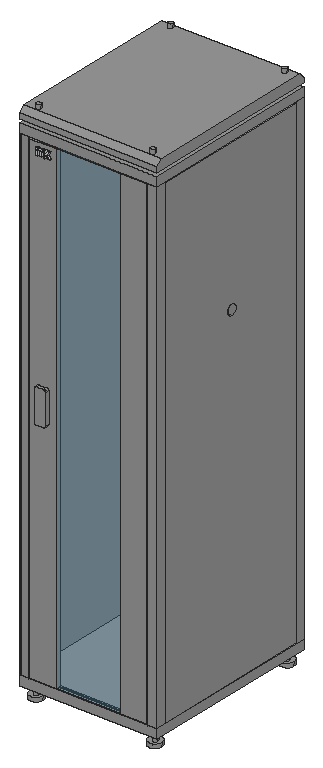
Revit family "ITK Шкаф сетевой 19 LINEA N 18U (600х600 мм и 600х800 мм) стекло и металл", category Электрооборудование, Revit 2016
Family settings
  Тип детали = Другая панель
  Размер круглого соединителя = Использовать диаметр
  Номер OmniClass = 23.80.30.11.17
  Заголовок OmniClass = Distribution Boards and Control Panels
  На основе рабочей плоскости = Нет
  Всегда вертикально = Да
  При загрузке вырезать с полостями = Нет
  Общий = Нет
  Точка расчета площади = Нет
Parameters (values of type "LN35-47U68-GM")
  Ширина УГО = Ширина / 100  # 6 mm
  Ширина = 600 mm
  Степень защиты = "IP20"
  Смещение УГО по X [instance] = 1000 mm
  Основание = 50 mm
  Описание = "Напольные 19-дюймовые шкафы серии LINEA N применяются для размещения различного телекоммуникационного 19-дюймового активного и пассивного оборудования и небольших серверов, а также специализированного оборудования стандарта 19 дюймов, и отлично подходят для размещения как в офисных помещениях, так и в специализированных серверных комнатах.\r\n\r\nШирокий диапазон типоразмеров и модификаций сетевых шкафов, а также наличие большого количества комплектующих и аксессуаров к ним позволяет заказчику подобрать необходимую спецификацию в соответствии со стоящими перед ним задачами, а соответствие международным стандартам, таким как ISO9001, IEC 297, ISO/IEC 1180, обеспечивает совместимость с компонентами СКС и оборудованием других производителей.\r\n\r\nШкафы LINEA N обладают современным привлекательным дизайном и технологичной, но в то же время простой и удобной конструкцией, которая дает возможность эффективно справляться с задачами быстрого монтажа, администрирования и оперативного изменения конфигурации 19-дюймового оборудования, задачей защиты этого оборудования и поддержания для него оптимального температурного режима. Доступ внутрь шкафа возможен со всех сторон, для ввода кабеля предусмотрены вводы в верхней и нижней части. Сборка шкафа осуществляется одним специалистом и занимает не более 20 минут.\r\nРегулируемые по глубине 19-дюймовые направляющие.\r\nСовременный привлекательный дизайн.\r\nМонтажные профили имеют разметку в юнитах (U).\r\nХорошая естественная вентиляция, возможность установки дополнительных вентиляторных модулей.\r\nБоковые стенки оснащены замком и защелками.\r\nВозможность замены регулируемых ножек на ролики с тормозом.\r\nСтатическая нагрузка до 1000 кг (ножки).\r\nСборка одним человеком за 20 минут.\r\nНаличие большого количества совместимых аксессуаров и комплектующих производства ITK.\r\nВозможно исполнение в двух цветах: сером (RAL7035) и черном (RAL9005).\r\nРасширенная гарантия до 10 лет."  # constant formula
  Материал = Окраска - RAL 7035
  Крышка вентиляционная = 60 mm
  Type Comments = " "
  Assembly Code = ""
  Изготовитель = "ITK"  # constant formula
  Засечка УГО = 1.2 mm  # constant formula
  Model = ""
  Глубина УГО = Глубина / 100  # 8 mm
  Глубина = 800 mm
  Высота = 2312 mm
  Вид установки = "Напольный"
  URL = "http://www.itk-GMroup.ru/produktsiya/catalog/?page=section&id=450&pagen=1&pagec=100"
  ADSK_Ток = ADSK_Номинальная мощность / (ADSK_Коэффициент мощности * ADSK_Напряжение * sqrt(ADSK_Количество фаз числовое))  # 0 A
  ADSK_Примечание = ""
  ADSK_Полная мощность = ADSK_Номинальная мощность / ADSK_Коэффициент мощности  # 0 VA
  ADSK_Позиция [instance] = ""
  ADSK_Номинальная мощность = 0 W
  ADSK_Напряжение = 220 V
  ADSK_Наименование краткое = "LN35-47U68-GM"
  ADSK_Наименование = "ITK Шкаф сетевой 19\" LINEA N 47U 600х800 мм, стеклянная передняя дверь, металлическая- задняя, серый"
  ADSK_Масса = 0
  ADSK_Марка = "LN35-47U68-GM"
  ADSK_Коэффициент мощности = 1
  ADSK_Количество фаз числовое = 1
  ADSK_Количество фаз = 1
  ADSK_Код изделия = ""
  ADSK_Классификация нагрузок = Прочее
  ADSK_Завод-изготовитель = "IEK"
  ADSK_Единица измерения = "шт"
  ADSK_Группирование = "I. ЩИТЫ И ПУЛЬТЫ"
Types (28, lengths in mm): name | Смещение УГО по X | Материал | Глубина УГО | Глубина | Высота | ADSK_Наименование краткое | ADSK_Наименование | ADSK_Марка
  LN35-47U68-GM | 1000 | Окраска - RAL 7035 | 8 | 800 | 2312 | "LN35-47U68-GM" | "ITK Шкаф сетевой 19\" LINEA N 47U 600х800 мм, стеклянная передняя дверь, металлическая- задняя, серый" | "LN35-47U68-GM"
  LN35-42U68-GM | 274.775 | Окраска - RAL 7035 | 8 | 800 | 2090 | "LN35-42U68-GM" | "ITK Шкаф сетевой 19\" LINEA N 42U 600х800 мм, стеклянная передняя дверь, металлическая- задняя, серый" | "LN35-42U68-GM"
  LN35-38U68-GM | 274.775 | Окраска - RAL 7035 | 8 | 800 | 1912 | "LN35-38U68-GM" | "ITK Шкаф сетевой 19\" LINEA N 18U 600х800 мм, стеклянная передняя дверь, металлическая- задняя, серый" | "LN35-38U68-GM"
  LN35-33U68-GM | 274.775 | Окраска - RAL 7035 | 8 | 800 | 1690 | "LN35-33U68-GM" | "ITK Шкаф сетевой 19\" LINEA N 33U 600х800 мм, стеклянная передняя дверь, металлическая- задняя, серый" | "LN35-33U68-GM"
  LN35-28U68-GM | 274.775 | Окраска - RAL 7035 | 8 | 800 | 1467 | "LN35-28U68-GM" | "ITK Шкаф сетевой 19\" LINEA N 28U 600х800 мм, стеклянная передняя дверь, металлическая- задняя, серый" | "LN35-28U68-GM"
  LN35-24U68-GM | 274.775 | Окраска - RAL 7035 | 8 | 800 | 1290 | "LN35-24U68-GM" | "ITK Шкаф сетевой 19\" LINEA N 24U 600х800 мм, стеклянная передняя дверь, металлическая- задняя, серый" | "LN35-24U68-GM"
  LN35-18U68-GM | 274.775 | Окраска - RAL 7035 | 8 | 800 | 1022 | "LN35-18U68-GM" | "ITK Шкаф сетевой 19\" LINEA N 18U 600х800 мм, стеклянная передняя дверь, металлическая- задняя, черный" | "LN35-18U68-GM"
  LN05-47U68-GM | 274.775 | Окраска - RAL 9005 | 8 | 800 | 2312 | "LN05-47U68-GM" | "ITK Шкаф сетевой 19\" LINEA N 47U 600х800 мм, стеклянная передняя дверь, металлическая- задняя, черный" | "LN05-47U68-GM"
  LN05-42U68-GM | 274.775 | Окраска - RAL 9005 | 8 | 800 | 2090 | "LN05-42U68-GM" | "ITK Шкаф сетевой 19\" LINEA N 42U 600х800 мм, стеклянная передняя дверь, металлическая- задняя, черный" | "LN05-42U68-GM"
  LN05-38U68-GM | 274.775 | Окраска - RAL 9005 | 8 | 800 | 1912 | "LN05-38U68-GM" | "ITK Шкаф сетевой 19\" LINEA N 18U 600х800 мм, стеклянная передняя дверь, металлическая- задняя, черный" | "LN05-38U68-GM"
  LN05-33U68-GM | 274.775 | Окраска - RAL 9005 | 8 | 800 | 1690 | "LN05-33U68-GM" | "ITK Шкаф сетевой 19\" LINEA N 33U 600х800 мм, стеклянная передняя дверь, металлическая- задняя, черный" | "LN05-33U68-GM"
  LN05-28U68-GM | 274.775 | Окраска - RAL 9005 | 8 | 800 | 1467 | "LN05-28U68-GM" | "ITK Шкаф сетевой 19\" LINEA N 28U 600х800 мм, стеклянная передняя дверь, металлическая- задняя, черный" | "LN05-28U68-GM"
  LN05-24U68-GM | 274.775 | Окраска - RAL 9005 | 8 | 800 | 1290 | "LN05-24U68-GM" | "ITK Шкаф сетевой 19\" LINEA N 24U 600х600 мм, стеклянная передняя дверь, металлическая- задняя, черный" | "LN05-24U68-GM"
  LN05-18U68-GM | 274.775 | Окраска - RAL 9005 | 8 | 800 | 1022 | "LN05-18U68-GM" | "ITK Шкаф сетевой 19\" LINEA N 18U 600х800 мм, стеклянная передняя дверь, металлическая- задняя, черный" | "LN05-18U68-GM"
  LN35-47U66-GM | 274.775 | Окраска - RAL 7035 | 6 | 600 | 2312 | "LN35-47U66-GM" | "ITK Шкаф сетевой 19\" LINEA N 47U 600х600 мм, стеклянная передняя дверь, металлическая- задняя, серый" | "LN35-47U66-GM"
  LN35-42U66-GM | 274.775 | Окраска - RAL 7035 | 6 | 600 | 2090 | "LN35-42U66-GM" | "ITK Шкаф сетевой 19\" LINEA N 42U 600х600 мм, стеклянная передняя дверь, металлическая- задняя, серый" | "LN35-42U66-GM"
  LN35-38U66-GM | 274.775 | Окраска - RAL 7035 | 6 | 600 | 1912 | "LN35-38U66-GM" | "ITK Шкаф сетевой 19\" LINEA N 18U 600х600 мм, стеклянная передняя дверь, металлическая- задняя, серый" | "LN35-38U66-GM"
  LN35-33U66-GM | 274.775 | Окраска - RAL 7035 | 6 | 600 | 1690 | "LN35-33U66-GM" | "ITK Шкаф сетевой 19\" LINEA N 33U 600х600 мм, стеклянная передняя дверь, металлическая- задняя, серый" | "LN35-33U66-GM"
  LN35-28U66-GM | 274.775 | Окраска - RAL 7035 | 6 | 600 | 1467 | "LN35-28U66-GM" | "ITK Шкаф сетевой 19\" LINEA N 28U 600х600 мм, стеклянная передняя дверь, металлическая- задняя, серый" | "LN35-28U66-GM"
  LN35-24U66-GM | 274.775 | Окраска - RAL 7035 | 6 | 600 | 1290 | "LN35-24U66-GM" | "ITK Шкаф сетевой 19\" LINEA N 24U 600х600 мм, стеклянная передняя дверь, металлическая- задняя, серый" | "LN35-24U66-GM"
  LN35-18U66-GM | 274.775 | Окраска - RAL 7035 | 6 | 600 | 1022 | "LN35-18U66-GM" | "ITK Шкаф сетевой 19\" LINEA N 18U 600х600 мм, стеклянная передняя дверь, металлическая- задняя, черный" | "LN35-18U66-GM"
  LN05-47U66-GM | 274.775 | Окраска - RAL 9005 | 6 | 600 | 2312 | "LN05-47U66-GM" | "ITK Шкаф сетевой 19\" LINEA N 47U 600х600 мм, стеклянная передняя дверь, металлическая- задняя, черный" | "LN05-47U66-GM"
  LN05-42U66-GM | 274.775 | Окраска - RAL 9005 | 6 | 600 | 2090 | "LN05-42U66-GM" | "ITK Шкаф сетевой 19\" LINEA N 42U 600х600 мм, стеклянная передняя дверь, металлическая- задняя, черный" | "LN05-42U66-GM"
  LN05-38U66-GM | 274.775 | Окраска - RAL 9005 | 6 | 600 | 1912 | "LN05-38U66-GM" | "ITK Шкаф сетевой 19\" LINEA N 18U 600х600 мм, стеклянная передняя дверь, металлическая- задняя, черный" | "LN05-38U66-GM"
  LN05-33U66-GM | 274.775 | Окраска - RAL 9005 | 6 | 600 | 1690 | "LN05-33U66-GM" | "ITK Шкаф сетевой 19\" LINEA N 33U 600х600 мм, стеклянная передняя дверь, металлическая- задняя, черный" | "LN05-33U66-GM"
  LN05-28U66-GM | 274.775 | Окраска - RAL 9005 | 6 | 600 | 1467 | "LN05-28U66-GM" | "ITK Шкаф сетевой 19\" LINEA N 28U 600х600 мм, стеклянная передняя дверь, металлическая- задняя, черный" | "LN05-28U66-GM"
  LN05-24U66-GM | 274.775 | Окраска - RAL 9005 | 6 | 600 | 1290 | "LN05-24U66-GM" | "ITK Шкаф сетевой 19\" LINEA N 24U 600х600 мм, стеклянная передняя дверь, металлическая- задняя, черный" | "LN05-24U66-GM"
  LN05-18U66-GM | 274.775 | Окраска - RAL 9005 | 6 | 600 | 1022 | "LN05-18U66-GM" | "ITK Шкаф сетевой 19\" LINEA N 18U 600х600 мм, стеклянная передняя дверь, металлическая- задняя, черный" | "LN05-18U66-GM"
Reference planes
  plane 1 "По центру (Вперед/Назад)": y = 0
  plane 2: z = 0
  plane 3 "По центру (Влево/Вправо)": x = 0
  plane 4: x = -300
  plane 5: x = 300
  plane 6: y = 400
  plane 7: y = -400
  plane 8: z = 2312
  plane 9: z = 250
  plane 10: z = 2252
  plane 11: z = 50
  plane 12 "Смещение УГО по X": x = -1000
Forms (mm)
  Extrusion 1, solid, detail levels coarse+medium
    sketch origin (0, 0, 0) x (1, 0, 0) y (0, 1, 0)
      loop
        line (-300, 400) -> (-300, -400) -> (300, -400) -> (300, 400) -> (-300, 400)
    from 0 to 2312 <- "Высота"
Lines and regions (mm)
  reference lines
    curve 1: line (0, 154.014, 0) -> (0, -285.986, 0)
Dimensions and locks
  equal spacing: plane 7, plane 1 "По центру (Вперед/Назад)", plane 6
  "Глубина": plane 7 to plane 6
  equal spacing: plane 4, plane 3 "По центру (Влево/Вправо)", plane 5
  "Ширина": plane 4 to plane 5
  "Крышка вентиляционная": plane 8 to plane 10
  "Основание": plane 11 to plane 2
  "Высота": plane 8 to plane 2
  nested 7 to plane 10 = 45 mm
  plane 12 "Смещение УГО по X" to plane 3 "По центру (Влево/Вправо)" = 1000 mm
  "Смещение УГО по X": plane 12 "Смещение УГО по X" to curve 1
  aligned and locked: level to plane 2
  aligned and locked: plane 1 "По центру (Вперед/Назад)" to nested 1
  aligned and locked: plane 3 "По центру (Влево/Вправо)" to nested 1
  aligned and locked: plane 3 "По центру (Влево/Вправо)" to nested 2
  aligned and locked: plane 1 "По центру (Вперед/Назад)" to nested 2
  aligned and locked: plane 1 "По центру (Вперед/Назад)" to nested 3
  aligned and locked: plane 3 "По центру (Влево/Вправо)" to nested 3
  aligned and locked: plane 3 "По центру (Влево/Вправо)" to nested 4
  aligned and locked: plane 1 "По центру (Вперед/Назад)" to nested 4
  aligned and locked: plane 1 "По центру (Вперед/Назад)" to nested 5
  aligned and locked: plane 3 "По центру (Влево/Вправо)" to nested 5
  aligned and locked: plane 1 "По центру (Вперед/Назад)" to nested 6
  aligned and locked: plane 3 "По центру (Влево/Вправо)" to nested 6
  aligned and locked: Extrusion 1 sketch curve to plane 4
  aligned and locked: Extrusion 1 sketch curve to plane 6
  aligned and locked: plane 7 to Extrusion 1 sketch curve
  aligned and locked: plane 5 to Extrusion 1 sketch curve
  aligned and locked: plane 6 to nested 7
  aligned and locked: plane 1 "По центру (Вперед/Назад)" to nested 8
  aligned and locked: nested 1 to nested 7
  aligned and locked: nested 8 to curve 1
Automatic sketch dimensions
  curve 1 to plane 7 = 114.014 mm
  curve 1 to plane 1 "По центру (Вперед/Назад)" = 154.014 mm
Nested families
  nested 1: "Стойка_комплект 4шт" at (0, 0, 0), type "Стойка_комплект 4шт", detail levels fine
    with Основание 50 mm, Глубина 800 mm, Высота 2312 mm
  nested 2: "Панель боковая_2шт" at (0, 0, 0), type "Панель боковая_2шт", detail levels fine
    with Основание 50 mm, Крыша вентиляционная 60 mm, Глубина 800 mm, Высота 2312 mm
  nested 3: "Основание_2шт" at (0, 0, 0), type "Основание_2шт", detail levels fine
    with Крыша вентиляционная 60 mm, Глубина 800 mm, Высота 2312 mm
  nested 4: "Крыша вентиляционная" at (0, 0, 0), type "Крыша вентиляционная", detail levels fine
    with Крыша вентиляционная 60 mm, Глубина 800 mm, Высота 2312 mm
  nested 5: "Ножки" at (0, 0, 0), type "Ножки", detail levels fine
    with Крыша вентиляционная 60 mm, Глубина 800 mm, Высота 2312 mm
  nested 6: "Комплект двери стекляной" at (0, 0, 0), type "Комплект двери стекляной", detail levels fine
    with Основание 50 mm, Крыша вентиляционная 60 mm, Глубина 800 mm, Высота 2312 mm
  nested 7: "Комплект двери металлической" at (0, 0, 0) x (-1, 0, 0) z (0, 0, 1), type "Комплект двери металлической", detail levels fine
  nested 8: "УГО (две двери)" at (0, 0, 0), type "УГО (две двери)", detail levels coarse+medium
Connectors
  electrical at (0, 400, 1156), driven by "ADSK_Напряжение", driven by "ADSK_Количество фаз", driven by "ADSK_Коэффициент мощности", driven by "ADSK_Классификация нагрузок", driven by "ADSK_Полная мощность"
    settings: on Extrusion 1, index 1, voltage 220 V, apparent load 0 VA, apparent load phase1 0 VA, apparent load phase2 0 VA, apparent load phase3 0 VA, power factor 1, load classification "Прочее", number of poles 1, system type 31, power factor state 1, is connector primary yes, connector utility no, sub classification motor no, connector description ""
Definition of nested family "Стойка_комплект 4шт"
  Parameters
    Ширина = 600 mm
    Основание = 150 mm
    Материал = none
    Крыша вентиляционная = 60 mm
    Глубина = 600 mm
    Высота = 2200 mm
  Reference planes
    plane 1 "По центру (Вперед/Назад)": y = 0
    plane 2: z = 0
    plane 3 "По центру (Влево/Вправо)": x = 0
    plane 4: x = -300
    plane 5: x = 300
    plane 6: y = 300
    plane 7: y = -300
    plane 8: y = 260
    plane 9: y = -260
    plane 10: x = -260
    plane 11: x = 260
    plane 12: z = 2100
    plane 13: z = 190
    plane 14: z = 150
    plane 15: z = 2140
    plane 16: z = 2200
  Forms (mm)
    Extrusion 1, solid, material <- "Материал"
      sketch origin (0, 0, 0) x (1, 0, 0) y (0, 1, 0)
        loop
          line (-300, -260) -> (-300, -300) -> (-260, -300) -> (-260, -280) -> (-245, -280) -> (-245, -260) -> (-260, -260) -> (-260, -245) -> (-270, -245) -> (-270, -260) -> (-300, -260)
        loop
          line (300, -260) -> (270, -260) -> (270, -245) -> (260, -245) -> (260, -260) -> (245, -260) -> (245, -280) -> (260, -280) -> (260, -300) -> (300, -300) -> (300, -260)
        loop
          line (300, 260) -> (300, 300) -> (260, 300) -> (260, 270) -> (245, 270) -> (245, 260) -> (260, 260) -> (260, 245) -> (270, 245) -> (270, 260) -> (300, 260)
        loop
          line (-300, 260) -> (-270, 260) -> (-270, 245) -> (-260, 245) -> (-260, 260) -> (-245, 260) -> (-245, 270) -> (-260, 270) -> (-260, 300) -> (-300, 300) -> (-300, 260)
        loop
          line (297, 297) -> (263, 297) -> (263, 267) -> (248, 267) -> (248, 263) -> (263, 263) -> (263, 248) -> (267, 248) -> (267, 263) -> (297, 263) -> (297, 297)
        loop
          line (-263, 297) -> (-297, 297) -> (-297, 263) -> (-267, 263) -> (-267, 248) -> (-263, 248) -> (-263, 263) -> (-248, 263) -> (-248, 267) -> (-263, 267) -> (-263, 297)
        loop
          line (-297, -263) -> (-297, -297) -> (-263, -297) -> (-263, -277) -> (-248, -277) -> (-248, -263) -> (-263, -263) -> (-263, -248) -> (-267, -248) -> (-267, -263) -> (-297, -263)
        loop
          line (263, -297) -> (297, -297) -> (297, -263) -> (267, -263) -> (267, -248) -> (263, -248) -> (263, -263) -> (248, -263) -> (248, -277) -> (263, -277) -> (263, -297)
      from 190 to 2100
  Dimensions and locks
    equal spacing: plane 7, plane 1 "По центру (Вперед/Назад)", plane 6
    equal spacing: plane 4, plane 3 "По центру (Влево/Вправо)", plane 5
    "Ширина": plane 4 to plane 5
    "Глубина": plane 7 to plane 6
    locked: plane 7 to plane 9 at 40
    locked: plane 6 to plane 8 at 40
    locked: plane 11 to plane 5 at 40
    locked: plane 4 to plane 10 at 40
    locked: plane 15 to plane 12 at 40
    "Крыша вентиляционная": plane 16 to plane 15
    locked: plane 13 to plane 14 at 40
    "Основание": plane 14 to plane 2
    "Высота": plane 16 to plane 2
    aligned and locked: level to plane 2
    aligned and locked: plane 9 to Extrusion 1 sketch curve
    aligned and locked: plane 4 to Extrusion 1 sketch curve
    aligned and locked: Extrusion 1 sketch curve to plane 7
    aligned and locked: plane 5 to Extrusion 1 sketch curve
    aligned and locked: plane 8 to Extrusion 1 sketch curve  (x2)
    aligned and locked: Extrusion 1 sketch curve to plane 11  (x2)
    aligned and locked: Extrusion 1 sketch curve to plane 6
    aligned and locked: plane 10 to Extrusion 1 sketch curve  (x2)
    aligned and locked: Extrusion 1 sketch curve to plane 8  (x2)
    aligned and locked: plane 6 to Extrusion 1 sketch curve
    aligned and locked: Extrusion 1 sketch curve to plane 4
    aligned and locked: plane 7 to Extrusion 1 sketch curve
    aligned and locked: Extrusion 1 sketch curve to plane 5
    aligned and locked: Extrusion 1 sketch curve to plane 9
    aligned and locked: plane 11 to Extrusion 1 sketch curve
    aligned and locked: plane 12 to Extrusion 1
    aligned and locked: Extrusion 1 to plane 13
  Automatic sketch dimensions
    Extrusion 1 sketch curve to plane 10 = 0 mm  (x2)
    plane 9 to Extrusion 1 sketch curve = 0 mm  (x2)
    Extrusion 1 sketch curve to plane 11 = 0 mm
    plane 4 to Extrusion 1 sketch curve = 3 mm  (x2)
    Extrusion 1 sketch curve to plane 10 = 10 mm  (x2)
    Extrusion 1 sketch curve to Extrusion 1 sketch curve = 3 mm  (x16)
    Extrusion 1 sketch curve to plane 10 = 3 mm  (x4)
    plane 10 to Extrusion 1 sketch curve = 12 mm  (x2)
    Extrusion 1 sketch curve to Extrusion 1 sketch curve = 15 mm  (x2)
    Extrusion 1 sketch curve to plane 11 = 3 mm  (x4)
    Extrusion 1 sketch curve to Extrusion 1 sketch curve = 4 mm  (x4)
    plane 5 to Extrusion 1 sketch curve = 3 mm  (x2)
    Extrusion 1 sketch curve to plane 7 = 3 mm  (x2)
    Extrusion 1 sketch curve to plane 7 = 20 mm  (x2)
    plane 9 to Extrusion 1 sketch curve = 3 mm  (x4)
    Extrusion 1 sketch curve to plane 9 = 12 mm  (x2)
    Extrusion 1 sketch curve to plane 8 = 15 mm  (x2)
    plane 8 to Extrusion 1 sketch curve = 3 mm  (x4)
    Extrusion 1 sketch curve to plane 6 = 3 mm  (x2)
Definition of nested family "Панель боковая_2шт"
  Parameters
    Ширина = 600 mm
    Основание = 150 mm
    Материал = none
    Крыша вентиляционная = 80 mm
    Глубина = 600 mm
    Высота = 1800 mm
  Reference planes
    plane 1 "По центру (Вперед/Назад)": y = 0
    plane 2: z = 0
    plane 3 "По центру (Влево/Вправо)": x = 0
    plane 4: x = -300
    plane 5: x = 300
    plane 6: y = 300
    plane 7: y = -300
    plane 8: y = 260
    plane 9: y = -260
    plane 10: x = -260
    plane 11: x = 260
    plane 12: z = 1680
    plane 13: z = 190
    plane 14: z = 1675
    plane 15: z = 195
    plane 16: z = 150
    plane 17: z = 1720
    plane 18: z = 1800
    plane 19: z = 1250
    plane 20: z = 700
  Forms (mm)
    Extrusion 1, solid, material <- "Материал"
      sketch origin (0, 0, 0) x (1, 0, 0) y (0, 1, 0)
        loop
          line (-300, 255) -> (-300, -255) -> (-269.98, -255) -> (-269.98, -245) -> (-289.98, -245) -> (-289.98, 245) -> (-270, 245) -> (-270, 255) -> (-300, 255)
        loop
          line (300, 255) -> (269.98, 255) -> (269.98, 245) -> (289.98, 245) -> (289.98, -245) -> (269.98, -245) -> (269.98, -255) -> (300, -255) -> (300, 255)
      from 195 to 1675
  Dimensions and locks
    equal spacing: plane 7, plane 1 "По центру (Вперед/Назад)", plane 6
    equal spacing: plane 4, plane 3 "По центру (Влево/Вправо)", plane 5
    "Ширина": plane 4 to plane 5
    "Глубина": plane 7 to plane 6
    locked: plane 7 to plane 9 at 40
    locked: plane 6 to plane 8 at 40
    locked: plane 11 to plane 5 at 40
    locked: plane 4 to plane 10 at 40
    locked: plane 12 to plane 14 at 5
    locked: plane 15 to plane 13 at 5
    locked: plane 13 to plane 16 at 40
    "Основание": plane 16 to plane 2
    locked: plane 17 to plane 12 at 40
    "Крыша вентиляционная": plane 18 to plane 17
    equal spacing: plane 18, plane 19, plane 20, plane 16
    "Высота": plane 18 to plane 2
    aligned and locked: level to plane 2
    aligned and locked: plane 4 to Extrusion 1 sketch curve
    aligned and locked: Extrusion 1 sketch curve to plane 5
    aligned and locked: plane 14 to Extrusion 1
    aligned and locked: Extrusion 1 to plane 15
    aligned and locked: nested 2 to plane 1 "По центру (Вперед/Назад)"
    aligned and locked: nested 2 to plane 19
    aligned and locked: nested 1 to plane 19
    aligned and locked: plane 1 "По центру (Вперед/Назад)" to nested 1
  Automatic sketch dimensions
    plane 4 to Extrusion 1 sketch curve = 10.02 mm
    Extrusion 1 sketch curve to plane 10 = 10 mm
    Extrusion 1 sketch curve to plane 10 = 9.98 mm
    Extrusion 1 sketch curve to plane 11 = 9.98 mm  (x2)
    plane 5 to Extrusion 1 sketch curve = 10.02 mm
    Extrusion 1 sketch curve to plane 9 = 15 mm  (x2)
    Extrusion 1 sketch curve to plane 8 = 15 mm  (x2)
    Extrusion 1 sketch curve to plane 9 = 5 mm  (x2)
    Extrusion 1 sketch curve to plane 8 = 5 mm  (x2)
  Nested families
    nested 1: "Замок" at (-300, 0, 1250) x (0, -1, 0) z (-1, 0, 0), type "Замок"
    nested 2: "Замок" at (300, 0, 1250) x (0, 1, 0) z (1, 0, 0), type "Замок"
  Definition of nested family "Замок"
    Parameters
      Default Elevation = 1219.2 mm
      Материал = none
    Reference planes
      plane 1 "По центру (Вперед/Назад)": y = 0
      plane 2: z = 0
      plane 3 "По центру (Влево/Вправо)": x = 0
    Forms (mm)
      Extrusion 1, solid
        sketch origin (0, 0, 0) x (1, 0, 0) y (0, 1, 0)
          loop
            line (-1219.2, 1219.2) -> (-1219.2, -1219.2) -> (1219.2, -1219.2) -> (1219.2, 1219.2) -> (-1219.2, 1219.2)
        from 0 to -304.8
      Extrusion 2, solid, material <- "Материал"
        sketch origin (0, 0, 0) x (1, 0, 0) y (0, 1, 0)
          loop
            circle (0, 0) r 20
          loop
            line (3, 8.219) -> (-3, 8.219) -> (-3, -8.219) -> (3, -8.219) -> (3, 8.219)
        from 0 to 7
    Dimensions and locks
      aligned and locked: plane 2 to Extrusion 1
      aligned and locked: level to Extrusion 1
Definition of nested family "Основание_2шт"
  Parameters
    Ширина = 600 mm
    Основание = 50 mm
    Материал = none
    Крыша вентиляционная = 100 mm
    Глубина = 600 mm
    Высота = 1800 mm
  Reference planes
    plane 1 "По центру (Вперед/Назад)": y = 0
    plane 2: z = 0
    plane 3 "По центру (Влево/Вправо)": x = 0
    plane 4: x = -300
    plane 5: x = 300
    plane 6: y = 300
    plane 7: y = -300
    plane 8: y = 260
    plane 9: y = -260
    plane 10: x = -260
    plane 11: x = 260
    plane 12: z = 1800
    plane 13: z = 90
    plane 14: z = 50
    plane 15: z = 1700
    plane 16: z = 1660
    plane 17: z = 1655
    plane 18: z = 95
  Forms (mm)
    Extrusion 1, solid, material <- "Материал"
      sketch origin (0, 0, 0) x (1, 0, 0) y (0, 0, 1)
        loop
          line (-300, 1700) -> (-300, 1660) -> (300, 1660) -> (300, 1700) -> (-300, 1700)
        loop
          line (-300, 90) -> (-300, 50) -> (300, 50) -> (300, 90) -> (-300, 90)
      from -300 to 300
    Extrusion 2, solid, material <- "Материал"
      sketch origin (-1511.359, -1524, 1660) x (-1, 0, 0) y (0, -1, 0)
        loop
          line (-1771.359, -1769) -> (-1771.359, -1784) -> (-1756.359, -1784) -> (-1756.359, -1814) -> (-1266.359, -1814) -> (-1266.359, -1784) -> (-1251.359, -1784) -> (-1251.359, -1769) -> (-1221.359, -1769) -> (-1221.359, -1279) -> (-1251.359, -1279) -> (-1251.359, -1264) -> (-1266.359, -1264) -> (-1266.359, -1244) -> (-1756.359, -1244) -> (-1756.359, -1264) -> (-1771.359, -1264) -> (-1771.359, -1279) -> (-1801.359, -1279) -> (-1801.359, -1769) -> (-1771.359, -1769)
      from -5 to 0
    Extrusion 3, solid, material <- "Материал"
      sketch origin (-1511.359, -1524, 384.733) x (0, 1, 0) y (1, 0, 0)
        loop
          line (1769, 1771.359) -> (1769, 1801.359) -> (1279, 1801.359) -> (1279, 1771.359) -> (1264, 1771.359) -> (1264, 1756.359) -> (1244, 1756.359) -> (1244, 1266.359) -> (1264, 1266.359) -> (1264, 1251.359) -> (1279, 1251.359) -> (1279, 1221.359) -> (1769, 1221.359) -> (1769, 1251.359) -> (1784, 1251.359) -> (1784, 1266.359) -> (1814, 1266.359) -> (1814, 1756.359) -> (1784, 1756.359) -> (1784, 1771.359) -> (1769, 1771.359)
      from 289.733 to 294.733
  Dimensions and locks
    equal spacing: plane 7, plane 1 "По центру (Вперед/Назад)", plane 6
    equal spacing: plane 4, plane 3 "По центру (Влево/Вправо)", plane 5
    "Ширина": plane 4 to plane 5
    "Глубина": plane 7 to plane 6
    locked: plane 7 to plane 9 at 40
    locked: plane 6 to plane 8 at 40
    locked: plane 11 to plane 5 at 40
    locked: plane 4 to plane 10 at 40
    "Основание": plane 14 to plane 2
    locked: plane 13 to plane 14 at 40
    locked: plane 15 to plane 16 at 40
    "Крыша вентиляционная": plane 12 to plane 15
    locked: plane 16 to plane 17 at 5
    locked: plane 18 to plane 13 at 5
    "Высота": plane 12 to plane 2
    aligned and locked: level to plane 2
    aligned and locked: Extrusion 1 sketch curve to plane 15
    aligned and locked: plane 4 to Extrusion 1 sketch curve  (x2)
    aligned and locked: plane 16 to Extrusion 1 sketch curve
    aligned and locked: plane 5 to Extrusion 1 sketch curve  (x2)
    aligned and locked: Extrusion 1 sketch curve to plane 13
    aligned and locked: plane 14 to Extrusion 1 sketch curve
    aligned and locked: plane 6 to Extrusion 1
    aligned and locked: plane 7 to Extrusion 1
    aligned and locked: plane 9 to Extrusion 2 sketch curve
    aligned and locked: Extrusion 2 sketch curve to plane 9
    aligned and locked: Extrusion 2 sketch curve to plane 10
    aligned and locked: plane 11 to Extrusion 2 sketch curve
    aligned and locked: Extrusion 2 sketch curve to plane 11
    aligned and locked: plane 8 to Extrusion 2 sketch curve
    aligned and locked: Extrusion 2 sketch curve to plane 8
    aligned and locked: plane 10 to Extrusion 2 sketch curve
    aligned and locked: plane 16 to Extrusion 2
    aligned and locked: Extrusion 2 to plane 17
    aligned and locked: Extrusion 3 to plane 13
    aligned and locked: plane 18 to Extrusion 3
    aligned and locked: Extrusion 2 sketch curve to Extrusion 3
  Automatic sketch dimensions
    plane 5 to Extrusion 2 sketch curve = 10 mm
    Extrusion 2 sketch curve to Extrusion 2 sketch curve = 15 mm  (x2)
    plane 10 to Extrusion 2 sketch curve = 15 mm  (x2)
    plane 4 to Extrusion 2 sketch curve = 10 mm
    Extrusion 2 sketch curve to plane 6 = 10 mm
    Extrusion 2 sketch curve to plane 8 = 15 mm  (x2)
    Extrusion 2 sketch curve to plane 9 = 15 mm  (x2)
    plane 9 to Extrusion 3 sketch curve = 0 mm  (x2)
    Extrusion 3 sketch curve to plane 11 = 0 mm  (x2)
    Extrusion 3 sketch curve to plane 10 = 0 mm  (x2)
    Extrusion 3 sketch curve to plane 8 = 0 mm  (x2)
    Extrusion 3 sketch curve to plane 7 = 20 mm
    Extrusion 3 sketch curve to plane 9 = 15 mm  (x2)
    Extrusion 3 sketch curve to Extrusion 3 sketch curve = 15 mm  (x3)
    Extrusion 3 sketch curve to plane 8 = 15 mm
    Extrusion 3 sketch curve to plane 6 = 10 mm
    plane 5 to Extrusion 3 sketch curve = 10 mm
    plane 10 to Extrusion 3 sketch curve = 15 mm  (x2)
    plane 4 to Extrusion 3 sketch curve = 10 mm
Definition of nested family "Крыша вентиляционная"
  Parameters
    Ширина = 600 mm
    Основание = 50 mm
    Материал = none
    Крыша вентиляционная = 65 mm
    Глубина = 600 mm
    Высота = 1805 mm
  Reference planes
    plane 1 "По центру (Вперед/Назад)": y = 0
    plane 2: z = 0
    plane 3 "По центру (Влево/Вправо)": x = 0
    plane 4: x = -300
    plane 5: x = 300
    plane 6: y = 300
    plane 7: y = -300
    plane 8: y = 260
    plane 9: y = -260
    plane 10: x = -260
    plane 11: x = 260
    plane 12: z = 1805
    plane 13: z = 50
    plane 14: z = 1740
    plane 15: z = 1820
    plane 16: z = 1755
  Forms (mm)
    Extrusion 1, solid, material <- "Материал"
      sketch origin (-1511.359, -1524, 1710) x (-1, 0, 0) y (0, -1, 0)
        loop
          circle (-1761.359, -1784) r 10
        loop
          circle (-1761.359, -1264) r 10
        loop
          circle (-1261.359, -1784) r 10
        loop
          circle (-1261.359, -1264) r 10
      from 30 to 110
    Extrusion 2, solid, material <- "Материал"
      sketch origin (0, 0, 0) x (0, 1, 0) y (0, 0, 1)
        loop
          line (-275, 1805) -> (-300, 1780) -> (-300, 1755) -> (300, 1755) -> (300, 1780) -> (275, 1805) -> (-275, 1805)
      from -300 to 300
  Cuts and joins
    joined: Extrusion 1, Extrusion 2
  Dimensions and locks
    equal spacing: plane 7, plane 1 "По центру (Вперед/Назад)", plane 6
    equal spacing: plane 4, plane 3 "По центру (Влево/Вправо)", plane 5
    "Ширина": plane 4 to plane 5
    "Глубина": plane 7 to plane 6
    locked: plane 7 to plane 9 at 40
    locked: plane 6 to plane 8 at 40
    locked: plane 11 to plane 5 at 40
    locked: plane 4 to plane 10 at 40
    "Основание": plane 13 to plane 2
    "Крыша вентиляционная": plane 12 to plane 14
    locked: plane 15 to plane 12 at 15
    locked: plane 16 to plane 14 at 15
    equal spacing: plane 12, Extrusion 2 sketch curve, plane 16  (x2)
    "Высота": plane 12 to plane 2
    locked: plane 12 to Extrusion 2 sketch curve (angle 45.00°)
    locked: Extrusion 2 sketch curve to plane 12 (angle 45.00°)
    aligned and locked: level to plane 2
    aligned and locked: Extrusion 1 to plane 14
    aligned and locked: plane 15 to Extrusion 1
    aligned and locked: Extrusion 2 sketch curve to plane 12
    aligned and locked: Extrusion 2 sketch curve to plane 7
    aligned and locked: plane 16 to Extrusion 2 sketch curve
    aligned and locked: Extrusion 2 sketch curve to plane 6
    aligned and locked: Extrusion 2 to plane 4
    aligned and locked: Extrusion 2 to plane 5
  Automatic sketch dimensions
    plane 9 to Extrusion 1 sketch curve = 0 mm  (x2)
    Extrusion 1 sketch curve to plane 8 = 0 mm  (x2)
    plane 11 to Extrusion 1 sketch curve = 10 mm  (x2)
    plane 10 to Extrusion 1 sketch curve = 10 mm  (x2)
    radius of Extrusion 1 sketch curve = 10 mm  (x4)
Definition of nested family "Ножки"
  Parameters
    Ширина = 600 mm
    Основание = 50 mm
    Материал = none
    Крыша вентиляционная = 100 mm
    Глубина = 600 mm
    Высота = 1800 mm
  Reference planes
    plane 1 "По центру (Вперед/Назад)": y = 0
    plane 2: z = 0
    plane 3 "По центру (Влево/Вправо)": x = 0
    plane 4: x = -300
    plane 5: x = 300
    plane 6: y = 300
    plane 7: y = -300
    plane 8: y = 260
    plane 9: y = -260
    plane 10: x = -260
    plane 11: x = 260
    plane 12: z = 1850
    plane 13: z = 50
    plane 14: z = 15
  Forms (mm)
    Extrusion 1, solid, material <- "Материал"
      sketch origin (-1511.359, -1524, 1710) x (-1, 0, 0) y (0, -1, 0)
        loop
          circle (-1251.359, -1784) r 30
        loop
          circle (-1771.359, -1784) r 30
        loop
          circle (-1251.359, -1264) r 30
        loop
          circle (-1771.359, -1264) r 30
      from -1710 to -1695
    Extrusion 2, solid, material <- "Материал"
      sketch origin (-1511.359, -1524, 1710) x (-1, 0, 0) y (0, -1, 0)
        loop
          circle (-1251.359, -1784) r 10
        loop
          circle (-1771.359, -1784) r 10
        loop
          circle (-1251.359, -1264) r 10
        loop
          circle (-1771.359, -1264) r 10
      from -1695 to -1660
  Dimensions and locks
    equal spacing: plane 7, plane 1 "По центру (Вперед/Назад)", plane 6
    equal spacing: plane 4, plane 3 "По центру (Влево/Вправо)", plane 5
    "Ширина": plane 4 to plane 5
    "Глубина": plane 7 to plane 6
    locked: plane 7 to plane 9 at 40
    locked: plane 6 to plane 8 at 40
    locked: plane 11 to plane 5 at 40
    locked: plane 4 to plane 10 at 40
    "Основание": plane 13 to plane 2
    "Высота": plane 12 to plane 13
    locked: plane 14 to plane 2 at 15
    aligned and locked: level to plane 2
    aligned and locked: plane 10 to Extrusion 1 sketch curve  (x2)
    aligned and locked: plane 9 to Extrusion 1 sketch curve  (x2)
    aligned and locked: plane 11 to Extrusion 1 sketch curve  (x2)
    aligned and locked: plane 8 to Extrusion 1 sketch curve  (x2)
    aligned and locked: plane 10 to Extrusion 2 sketch curve  (x2)
    aligned and locked: plane 8 to Extrusion 2 sketch curve  (x2)
    aligned and locked: plane 11 to Extrusion 2 sketch curve  (x2)
    aligned and locked: plane 9 to Extrusion 2 sketch curve  (x2)
    aligned and locked: Extrusion 1 to level
    aligned and locked: plane 14 to Extrusion 1
    aligned and locked: Extrusion 2 to plane 14
    aligned and locked: plane 13 to Extrusion 2
  Automatic sketch dimensions
    radius of Extrusion 1 sketch curve = 30 mm  (x4)
    radius of Extrusion 2 sketch curve = 10 mm  (x4)
Definition of nested family "Комплект двери стекляной"
  Parameters
    Ширина = 600 mm
    Основание = 150 mm
    Материал = none
    Крыша вентиляционная = 45 mm
    Глубина = 600 mm
    Высота = 1800 mm
  Reference planes
    plane 1 "По центру (Вперед/Назад)": y = 0
    plane 2: z = 0
    plane 3 "По центру (Влево/Вправо)": x = 0
    plane 4: x = -300
    plane 5: x = 300
    plane 6: y = 300
    plane 7: y = -300
    plane 8: y = 260
    plane 9: y = -260
    plane 10: x = -260
    plane 11: x = 260
    plane 12: z = 1715
    plane 13: z = 190
    plane 14: z = 1710
    plane 15: z = 195
    plane 16: z = 1755
    plane 17: z = 1800
    plane 18: z = 150
    plane 19: z = 975
    plane 20: x = -200
    plane 21: x = -140
    plane 22: x = 140
    plane 23: z = 1660
  Forms (mm)
    Extrusion 1, solid, material <- "Материал"
      sketch origin (0, 0, 0) x (1, 0, 0) y (0, 1, 0)
        loop
          line (-255, -300) -> (-140, -300) -> (-140, -280) -> (-235, -280) -> (-235, -265) -> (-245, -265) -> (-245, -280) -> (-255, -280) -> (-255, -300)
        loop
          line (255, -300) -> (255, -280) -> (245, -280) -> (245, -265) -> (235, -265) -> (235, -280) -> (140, -280) -> (140, -300) -> (255, -300)
      from 195 to 1710
    Extrusion 2, solid
      sketch origin (0, 0, 0) x (1, 0, 0) y (0, 1, 0)
        loop
          line (-140, -280) -> (-140, -300) -> (140, -300) -> (140, -280) -> (-140, -280)
      from 195 to 1710
  Dimensions and locks
    equal spacing: plane 7, plane 1 "По центру (Вперед/Назад)", plane 6
    equal spacing: plane 4, plane 3 "По центру (Влево/Вправо)", plane 5
    "Ширина": plane 4 to plane 5
    "Глубина": plane 7 to plane 6
    locked: plane 7 to plane 9 at 40
    locked: plane 6 to plane 8 at 40
    locked: plane 11 to plane 5 at 40
    locked: plane 4 to plane 10 at 40
    locked: plane 12 to plane 14 at 5
    locked: plane 15 to plane 13 at 5
    locked: plane 16 to plane 12 at 40
    "Крыша вентиляционная": plane 17 to plane 16
    locked: plane 13 to plane 18 at 40
    "Основание": plane 18 to plane 2
    equal spacing: plane 17, plane 19, plane 18
    locked: plane 4 to plane 21 at 160
    locked: plane 22 to plane 5 at 160
    locked: plane 4 to plane 20 at 100
    locked: plane 14 to plane 23 at 50
    "Высота": plane 17 to plane 2
    aligned and locked: level to plane 2
    aligned and locked: plane 14 to Extrusion 1
    aligned and locked: Extrusion 1 to plane 15
    aligned and locked: nested 1 to plane 19
    aligned and locked: plane 20 to nested 1
    aligned and locked: Extrusion 1 sketch curve to plane 21
    aligned and locked: Extrusion 1 sketch curve to plane 22
    aligned and locked: Extrusion 2 sketch curve to Extrusion 1  (x4)
    aligned and locked: plane 14 to Extrusion 2
    aligned and locked: Extrusion 2 to plane 15
    aligned and locked: plane 20 to nested 2
    aligned and locked: nested 2 to plane 23
  Automatic sketch dimensions
    plane 7 to Extrusion 1 sketch curve = 0 mm  (x2)
    Extrusion 1 sketch curve to plane 10 = 25 mm
    Extrusion 1 sketch curve to Extrusion 1 sketch curve = 10 mm  (x2)
    Extrusion 1 sketch curve to plane 10 = 5 mm
    Extrusion 1 sketch curve to plane 11 = 25 mm
    Extrusion 1 sketch curve to plane 11 = 5 mm
    plane 7 to Extrusion 1 sketch curve = 20 mm  (x3)
    Extrusion 1 sketch curve to plane 9 = 5 mm  (x2)
    Extrusion 1 sketch curve to Extrusion 1 sketch curve = 0 mm
  Nested families
    nested 1: "Ручка" at (-200, -300, 975) x (1, 0, 0) z (0, -1, 0), type "Ручка"
    nested 2: "Логотип" at (-200, -300, 1660) x (1, 0, 0) z (0, -1, 0), type "Логотип"
  Definition of nested family "Ручка"
    Parameters
      Default Elevation = 1219.2 mm
      Материал = none
    Reference planes
      plane 1 "По центру (Вперед/Назад)": y = 0
      plane 2: z = 0
      plane 3 "По центру (Влево/Вправо)": x = 0
    Forms (mm)
      Extrusion 1, solid
        sketch origin (0, 0, 0) x (1, 0, 0) y (0, 1, 0)
          loop
            line (-1219.2, 1219.2) -> (-1219.2, -1219.2) -> (1219.2, -1219.2) -> (1219.2, 1219.2) -> (-1219.2, 1219.2)
        from 0 to -304.8
      Extrusion 2, solid, material <- "Материал"
        sketch origin (0, 0, 0) x (1, 0, 0) y (0, 1, 0)
          loop
            arc (-15, 75) -> (-22.071, 72.071) -> (-25, 65) r 10
            line (-25, 65) -> (-25, -65)
            arc (-25, -65) -> (-22.071, -72.071) -> (-15, -75) r 10
            line (-15, -75) -> (15, -75)
            arc (15, -75) -> (22.071, -72.071) -> (25, -65) r 10
            line (25, -65) -> (25, 65)
            arc (25, 65) -> (22.071, 72.071) -> (15, 75) r 10
            line (15, 75) -> (-15, 75)
        from 0 to 15
    Dimensions and locks
      aligned and locked: plane 2 to Extrusion 1
      aligned and locked: level to Extrusion 1
  Definition of nested family "Логотип"
    Parameters
      Default Elevation = 1219.2 mm
      Материал = none
    Reference planes
      plane 1 "По центру (Вперед/Назад)": y = 0
      plane 2: z = 0
      plane 3 "По центру (Влево/Вправо)": x = 0
    Forms (mm)
      Extrusion 1, solid
        sketch origin (0, 0, 0) x (1, 0, 0) y (0, 1, 0)
          loop
            line (-1219.2, 1219.2) -> (-1219.2, -1219.2) -> (1219.2, -1219.2) -> (1219.2, 1219.2) -> (-1219.2, 1219.2)
        from 0 to -304.8
      Extrusion 2, solid, material <- "Материал"
        sketch origin (0, 0, 0) x (1, 0, 0) y (0, 1, 0)
          loop
            line (-24.198, 18.809) -> (-24.198, 0) -> (-15.975, 0) -> (-15.975, 18.809) -> (-24.198, 18.809)
          loop
            line (0.039, 18.809) -> (-7.705, 18.809) -> (-7.705, 0) -> (0.039, 0) -> (0.039, 18.809)
          loop
            line (-24.198, 21.431) -> (-15.975, 21.431) -> (-15.975, 29.41) -> (-24.198, 29.41) -> (-24.198, 21.431)
          loop
            line (8.482, 29.41) -> (8.482, 0) -> (16.233, 0) -> (16.233, 11.027) -> (19.197, 11.027) -> (26.358, 0) -> (35.802, 0) -> (25.102, 14.728) -> (35.802, 29.41) -> (26.358, 29.41) -> (19.197, 18.383) -> (16.233, 18.383) -> (16.233, 29.41) -> (8.482, 29.41)
          loop
            line (-13.581, 29.41) -> (-13.581, 21.431) -> (5.915, 21.431) -> (5.915, 29.41) -> (-13.581, 29.41)
        from 0 to 7
    Dimensions and locks
      aligned and locked: plane 2 to Extrusion 1
      aligned and locked: level to Extrusion 1
Definition of nested family "Комплект двери металлической"
  Parameters (values of type "Комплект двери металлической")
    Ширина = 600 mm
    Основание = 50 mm
    Материал = none
    Крыша вентиляционная = 60 mm
    Глубина = 800 mm
    Высота = 2312 mm
  Reference planes
    plane 1 "По центру (Вперед/Назад)": y = 0
    plane 2: z = 0
    plane 3 "По центру (Влево/Вправо)": x = 0
    plane 4: x = -300
    plane 5: x = 300
    plane 6: y = 400
    plane 7: y = -400
    plane 8: y = 360
    plane 9: y = -360
    plane 10: x = -260
    plane 11: x = 260
    plane 12: z = 2212
    plane 13: z = 90
    plane 14: z = 2207
    plane 15: z = 95
    plane 16: z = 2252
    plane 17: z = 2312
    plane 18: z = 50
    plane 19: z = 1181
    plane 20: x = -200
    plane 21: x = -140
    plane 22: x = 140
    plane 23: z = 2157
    plane 24: x = -224.198
  Forms (mm)
    Extrusion 1, solid, material <- "Материал"
      sketch origin (0, 0, 0) x (1, 0, 0) y (0, 1, 0)
        loop
          line (-235, -380) -> (-235, -365) -> (-245, -365) -> (-245, -380) -> (-255, -380) -> (-255, -400) -> (255, -400) -> (255, -380) -> (245, -380) -> (245, -365) -> (235, -365) -> (235, -380) -> (-235, -380)
      from 95 to 2207
  Dimensions and locks
    equal spacing: plane 7, plane 1 "По центру (Вперед/Назад)", plane 6
    equal spacing: plane 4, plane 3 "По центру (Влево/Вправо)", plane 5
    "Ширина": plane 4 to plane 5
    "Глубина": plane 7 to plane 6
    locked: plane 7 to plane 9 at 40
    locked: plane 6 to plane 8 at 40
    locked: plane 11 to plane 5 at 40
    locked: plane 4 to plane 10 at 40
    locked: plane 12 to plane 14 at 5
    locked: plane 15 to plane 13 at 5
    locked: plane 16 to plane 12 at 40
    "Крыша вентиляционная": plane 17 to plane 16
    locked: plane 13 to plane 18 at 40
    "Основание": plane 18 to plane 2
    equal spacing: plane 17, plane 19, plane 18
    locked: plane 4 to plane 21 at 160
    locked: plane 22 to plane 5 at 160
    locked: plane 4 to plane 20 at 100
    locked: plane 14 to plane 23 at 50
    "Высота": plane 17 to plane 2
    aligned and locked: level to plane 2
    aligned and locked: plane 14 to Extrusion 1
    aligned and locked: nested 1 to plane 23
    aligned and locked: plane 20 to nested 2
    aligned and locked: nested 2 to plane 19
  Automatic sketch dimensions
    plane 7 to Extrusion 1 sketch curve = 0 mm
    plane 10 to Extrusion 1 sketch curve = 5 mm
    Extrusion 1 sketch curve to Extrusion 1 sketch curve = 10 mm  (x3)
    plane 9 to Extrusion 1 sketch curve = 5 mm  (x2)
    plane 11 to Extrusion 1 sketch curve = 25 mm
    plane 11 to Extrusion 1 sketch curve = 5 mm
    Extrusion 1 sketch curve to plane 7 = 20 mm
    Extrusion 1 sketch curve to Extrusion 1 sketch curve = 15 mm
    Extrusion 1 sketch curve to Extrusion 1 sketch curve = 0 mm
  Nested families
    nested 1: "Логотип" at (-200, -400, 2157) x (1, 0, 0) z (0, -1, 0), type "Логотип"
    nested 2: "Ручка" at (-200, -400, 1181) x (1, 0, 0) z (0, -1, 0), type "Ручка"
  Definition of nested family "Логотип"
    Parameters
      Default Elevation = 1219.2 mm
      Материал = none
    Reference planes
      plane 1 "По центру (Вперед/Назад)": y = 0
      plane 2: z = 0
      plane 3 "По центру (Влево/Вправо)": x = 0
    Forms (mm)
      Extrusion 1, solid
        sketch origin (0, 0, 0) x (1, 0, 0) y (0, 1, 0)
          loop
            line (-1219.2, 1219.2) -> (-1219.2, -1219.2) -> (1219.2, -1219.2) -> (1219.2, 1219.2) -> (-1219.2, 1219.2)
        from 0 to -304.8
      Extrusion 2, solid, material <- "Материал"
        sketch origin (0, 0, 0) x (1, 0, 0) y (0, 1, 0)
          loop
            line (-24.198, 18.809) -> (-24.198, 0) -> (-15.975, 0) -> (-15.975, 18.809) -> (-24.198, 18.809)
          loop
            line (0.039, 18.809) -> (-7.705, 18.809) -> (-7.705, 0) -> (0.039, 0) -> (0.039, 18.809)
          loop
            line (-24.198, 21.431) -> (-15.975, 21.431) -> (-15.975, 29.41) -> (-24.198, 29.41) -> (-24.198, 21.431)
          loop
            line (8.482, 29.41) -> (8.482, 0) -> (16.233, 0) -> (16.233, 11.027) -> (19.197, 11.027) -> (26.358, 0) -> (35.802, 0) -> (25.102, 14.728) -> (35.802, 29.41) -> (26.358, 29.41) -> (19.197, 18.383) -> (16.233, 18.383) -> (16.233, 29.41) -> (8.482, 29.41)
          loop
            line (-13.581, 29.41) -> (-13.581, 21.431) -> (5.915, 21.431) -> (5.915, 29.41) -> (-13.581, 29.41)
        from 0 to 7
    Dimensions and locks
      aligned and locked: plane 2 to Extrusion 1
      aligned and locked: level to Extrusion 1
  Definition of nested family "Ручка"
    Parameters
      Default Elevation = 1219.2 mm
      Материал = none
    Reference planes
      plane 1 "По центру (Вперед/Назад)": y = 0
      plane 2: z = 0
      plane 3 "По центру (Влево/Вправо)": x = 0
    Forms (mm)
      Extrusion 1, solid
        sketch origin (0, 0, 0) x (1, 0, 0) y (0, 1, 0)
          loop
            line (-1219.2, 1219.2) -> (-1219.2, -1219.2) -> (1219.2, -1219.2) -> (1219.2, 1219.2) -> (-1219.2, 1219.2)
        from 0 to -304.8
      Extrusion 2, solid, material <- "Материал"
        sketch origin (0, 0, 0) x (1, 0, 0) y (0, 1, 0)
          loop
            arc (-15, 75) -> (-22.071, 72.071) -> (-25, 65) r 10
            line (-25, 65) -> (-25, -65)
            arc (-25, -65) -> (-22.071, -72.071) -> (-15, -75) r 10
            line (-15, -75) -> (15, -75)
            arc (15, -75) -> (22.071, -72.071) -> (25, -65) r 10
            line (25, -65) -> (25, 65)
            arc (25, 65) -> (22.071, 72.071) -> (15, 75) r 10
            line (15, 75) -> (-15, 75)
        from 0 to 15
    Dimensions and locks
      aligned and locked: plane 2 to Extrusion 1
      aligned and locked: level to Extrusion 1
Definition of nested family "УГО (две двери)"
  Parameters (values of type "УГО (две двери)")
    Ширина УГО = 6 mm
    Засечка УГО = 1.2 mm
    Глубина УГО = 8 mm
  Reference planes
    plane 1: y = 0
    plane 2: x = 0
  Lines and regions (mm)
    detail lines
      curve 1: line (-3, 4, 0) -> (3, 4, 0)
      curve 2: line (-3, -4, 0) -> (-3, 4, 0)
      curve 3: line (3, -4, 0) -> (-3, -4, 0)
      curve 4: line (3, 4, 0) -> (3, -4, 0)
      curve 5: line (3, -4, 0) -> (3, -10, 0)
      curve 6: arc (-3, -4, 0) -> (-1.243, -8.243, 0) -> (3, -10, 0) r 6
      curve 7: line (3, -2.8, 0) -> (-3, -2.8, 0)
      curve 8: line (-3, 2.8, 0) -> (3, 2.8, 0)
      curve 9: line (3, 4, 0) -> (3, 10, 0)
      curve 10: arc (-3, 4, 0) -> (-1.243, 8.243, 0) -> (3, 10, 0) r 6
  Dimensions and locks
    equal spacing: curve 2, plane 2, curve 4
    "Ширина УГО": curve 2 to curve 4
    equal spacing: curve 1, plane 1, curve 3
    "Глубина УГО": curve 1 to curve 3
    "Ширина УГО": curve 3 to curve 5
    "Засечка УГО": curve 7 to curve 3
    "Засечка УГО": curve 8 to curve 1
    "Ширина УГО": curve 1 to curve 10
